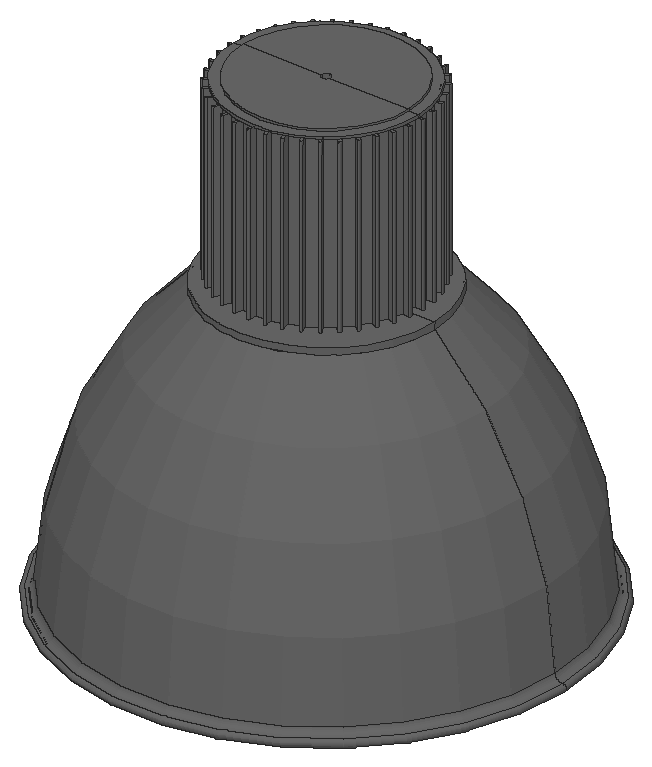
Revit family "DHS22", category Lighting Fixtures, Revit 2024
Family settings
  Round Connector Dimension = Use Diameter
  Part Type = Normal
  OmniClass Number = 23.80.70.00
  OmniClass Title = Lighting
  Work Plane-Based = No
  Always vertical = Yes
  Cut with Voids When Loaded = No
  Light Source = No
  Maintain Annotation Orientation = No
  Shared = No
  Room Calculation Point = No
Parameters
  Default Elevation = 0' - 0"
Reference planes (in)
  plane 1 "Light Source Axis (F/B)": y = 0
  plane 2: z = 0
  plane 3 "Light Source Axis (L/R)": x = 0
  plane 4 "Light Source Elevation": z = 54
Forms (in)
  Sweep 1, solid, material "GLASS SHADE", not visible
    path origin (75.968, 0, 0.00093) x (1, 0, 0) y (0, 0, 1)
      loop
        arc (-4.5864, 68.3252) -> (-8.91952, 61.72019) -> (-10.59309, 54) r 21.63816
    profile origin (67.04848, 0, 61.72112) x (0.922209, 0, -0.386691) y (0, -1, 0)
      loop
        circle (0, 0) r 0.03125
  Extrusion 2, solid, material "61"
    sketch origin (-46.69817, -17.29952, 67.50269) x (1, 0, 0) y (0, 1, 0)
      loop
        arc (46.63567, 21.42405) -> (46.37452, 21.41181) -> (46.11468, 21.38305) r 4.125
        line (46.11468, 21.38305) -> (46.06572, 21.69217)
        arc (46.06572, 21.69217) -> (45.99421, 21.74412) -> (45.94226, 21.67261) r 0.0625
        line (45.94226, 21.67261) -> (45.99122, 21.36349)
        arc (45.99122, 21.36349) -> (45.73521, 21.31055) -> (45.48306, 21.24149) r 4.125
        line (45.48306, 21.24149) -> (45.38635, 21.53915)
        arc (45.38635, 21.53915) -> (45.30759, 21.57928) -> (45.26746, 21.50052) r 0.0625
        line (45.26746, 21.50052) -> (45.36418, 21.20287)
        arc (45.36418, 21.20287) -> (45.1196, 21.11053) -> (44.88136, 21.00288) r 4.125
        line (44.88136, 21.00288) -> (44.73927, 21.28174)
        arc (44.73927, 21.28174) -> (44.65521, 21.30905) -> (44.6279, 21.22499) r 0.0625
        line (44.6279, 21.22499) -> (44.76998, 20.94613)
        arc (44.76998, 20.94613) -> (44.54286, 20.81666) -> (44.3244, 20.67307) r 4.125
        line (44.3244, 20.67307) -> (44.14043, 20.92627)
        arc (44.14043, 20.92627) -> (44.05313, 20.9401) -> (44.03931, 20.8528) r 0.0625
        line (44.03931, 20.8528) -> (44.22327, 20.5996)
        arc (44.22327, 20.5996) -> (44.01919, 20.4362) -> (43.82588, 20.2602) r 4.125
        line (43.82588, 20.2602) -> (43.60458, 20.4815)
        arc (43.60458, 20.4815) -> (43.51619, 20.4815) -> (43.51619, 20.39311) r 0.0625
        line (43.51619, 20.39311) -> (43.73749, 20.17181)
        arc (43.73749, 20.17181) -> (43.56149, 19.9785) -> (43.39809, 19.77442) r 4.125
        line (43.39809, 19.77442) -> (43.14489, 19.95838)
        arc (43.14489, 19.95838) -> (43.05759, 19.94456) -> (43.07142, 19.85726) r 0.0625
        line (43.07142, 19.85726) -> (43.32462, 19.67329)
        arc (43.32462, 19.67329) -> (43.18103, 19.45483) -> (43.05156, 19.22771) r 4.125
        line (43.05156, 19.22771) -> (42.7727, 19.36979)
        arc (42.7727, 19.36979) -> (42.68864, 19.34248) -> (42.71595, 19.25842) r 0.0625
        line (42.71595, 19.25842) -> (42.99481, 19.11633)
        arc (42.99481, 19.11633) -> (42.88716, 18.87809) -> (42.79482, 18.63351) r 4.125
        line (42.79482, 18.63351) -> (42.49717, 18.73023)
        arc (42.49717, 18.73023) -> (42.41841, 18.6901) -> (42.45854, 18.61134) r 0.0625
        line (42.45854, 18.61134) -> (42.7562, 18.51463)
        arc (42.7562, 18.51463) -> (42.68714, 18.26248) -> (42.6342, 18.00647) r 4.125
        line (42.6342, 18.00647) -> (42.32508, 18.05543)
        arc (42.32508, 18.05543) -> (42.25357, 18.00348) -> (42.30552, 17.93197) r 0.0625
        line (42.30552, 17.93197) -> (42.61464, 17.88301)
        arc (42.61464, 17.88301) -> (42.58588, 17.62317) -> (42.57364, 17.36202) r 4.125
        line (42.57364, 17.36202) -> (42.26067, 17.36202)
        arc (42.26067, 17.36202) -> (42.19817, 17.29952) -> (42.26067, 17.23702) r 0.0625
        line (42.26067, 17.23702) -> (42.57364, 17.23702)
        arc (42.57364, 17.23702) -> (42.58588, 16.97588) -> (42.61464, 16.71603) r 4.125
        line (42.61464, 16.71603) -> (42.30552, 16.66707)
        arc (42.30552, 16.66707) -> (42.25357, 16.59557) -> (42.32508, 16.54361) r 0.0625
        line (42.32508, 16.54361) -> (42.6342, 16.59257)
        arc (42.6342, 16.59257) -> (42.68714, 16.33656) -> (42.7562, 16.08441) r 4.125
        line (42.7562, 16.08441) -> (42.45854, 15.9877)
        arc (42.45854, 15.9877) -> (42.41841, 15.90895) -> (42.49717, 15.86882) r 0.0625
        line (42.49717, 15.86882) -> (42.79482, 15.96553)
        arc (42.79482, 15.96553) -> (42.88716, 15.72095) -> (42.99481, 15.48271) r 4.125
        line (42.99481, 15.48271) -> (42.71595, 15.34063)
        arc (42.71595, 15.34063) -> (42.68864, 15.25657) -> (42.7727, 15.22925) r 0.0625
        line (42.7727, 15.22925) -> (43.05156, 15.37134)
        arc (43.05156, 15.37134) -> (43.18103, 15.14422) -> (43.32462, 14.92575) r 4.125
        line (43.32462, 14.92575) -> (43.07142, 14.74179)
        arc (43.07142, 14.74179) -> (43.05759, 14.65449) -> (43.14489, 14.64066) r 0.0625
        line (43.14489, 14.64066) -> (43.39809, 14.82462)
        arc (43.39809, 14.82462) -> (43.56149, 14.62055) -> (43.73749, 14.42724) r 4.125
        line (43.73749, 14.42724) -> (43.51619, 14.20593)
        arc (43.51619, 14.20593) -> (43.51619, 14.11754) -> (43.60458, 14.11754) r 0.0625
        line (43.60458, 14.11754) -> (43.82588, 14.33885)
        arc (43.82588, 14.33885) -> (44.01919, 14.16285) -> (44.22327, 13.99945) r 4.125
        line (44.22327, 13.99945) -> (44.03931, 13.74625)
        arc (44.03931, 13.74625) -> (44.05313, 13.65895) -> (44.14043, 13.67277) r 0.0625
        line (44.14043, 13.67277) -> (44.3244, 13.92597)
        arc (44.3244, 13.92597) -> (44.54286, 13.78238) -> (44.76998, 13.65292) r 4.125
        line (44.76998, 13.65292) -> (44.6279, 13.37406)
        arc (44.6279, 13.37406) -> (44.65521, 13.28999) -> (44.73927, 13.31731) r 0.0625
        line (44.73927, 13.31731) -> (44.88136, 13.59617)
        arc (44.88136, 13.59617) -> (45.1196, 13.48852) -> (45.36418, 13.39618) r 4.125
        line (45.36418, 13.39618) -> (45.26746, 13.09852)
        arc (45.26746, 13.09852) -> (45.30759, 13.01977) -> (45.38635, 13.0599) r 0.0625
        line (45.38635, 13.0599) -> (45.48306, 13.35755)
        arc (45.48306, 13.35755) -> (45.73521, 13.2885) -> (45.99122, 13.23555) r 4.125
        line (45.99122, 13.23555) -> (45.94226, 12.92643)
        arc (45.94226, 12.92643) -> (45.99421, 12.85492) -> (46.06572, 12.90688) r 0.0625
        line (46.06572, 12.90688) -> (46.11468, 13.216)
        arc (46.11468, 13.216) -> (46.37452, 13.18724) -> (46.63567, 13.175) r 4.125
        line (46.63567, 13.175) -> (46.63567, 12.86202)
        arc (46.63567, 12.86202) -> (46.69817, 12.79952) -> (46.76067, 12.86202) r 0.0625
        line (46.76067, 12.86202) -> (46.76067, 13.175)
        arc (46.76067, 13.175) -> (47.02181, 13.18724) -> (47.28166, 13.216) r 4.125
        line (47.28166, 13.216) -> (47.33062, 12.90688)
        arc (47.33062, 12.90688) -> (47.40212, 12.85492) -> (47.45408, 12.92643) r 0.0625
        line (47.45408, 12.92643) -> (47.40512, 13.23555)
        arc (47.40512, 13.23555) -> (47.66113, 13.2885) -> (47.91328, 13.35755) r 4.125
        line (47.91328, 13.35755) -> (48.00999, 13.0599)
        arc (48.00999, 13.0599) -> (48.08874, 13.01977) -> (48.12887, 13.09852) r 0.0625
        line (48.12887, 13.09852) -> (48.03216, 13.39618)
        arc (48.03216, 13.39618) -> (48.27674, 13.48852) -> (48.51498, 13.59617) r 4.125
        line (48.51498, 13.59617) -> (48.65706, 13.31731)
        arc (48.65706, 13.31731) -> (48.74112, 13.28999) -> (48.76844, 13.37406) r 0.0625
        line (48.76844, 13.37406) -> (48.62635, 13.65292)
        arc (48.62635, 13.65292) -> (48.85347, 13.78238) -> (49.07194, 13.92597) r 4.125
        line (49.07194, 13.92597) -> (49.2559, 13.67277)
        arc (49.2559, 13.67277) -> (49.3432, 13.65895) -> (49.35703, 13.74625) r 0.0625
        line (49.35703, 13.74625) -> (49.17307, 13.99945)
        arc (49.17307, 13.99945) -> (49.37714, 14.16285) -> (49.57045, 14.33885) r 4.125
        line (49.57045, 14.33885) -> (49.79176, 14.11754)
        arc (49.79176, 14.11754) -> (49.88015, 14.11754) -> (49.88015, 14.20593) r 0.0625
        line (49.88015, 14.20593) -> (49.65884, 14.42724)
        arc (49.65884, 14.42724) -> (49.83484, 14.62055) -> (49.99824, 14.82462) r 4.125
        line (49.99824, 14.82462) -> (50.25144, 14.64066)
        arc (50.25144, 14.64066) -> (50.33874, 14.65449) -> (50.32492, 14.74179) r 0.0625
        line (50.32492, 14.74179) -> (50.07172, 14.92575)
        arc (50.07172, 14.92575) -> (50.21531, 15.14422) -> (50.34477, 15.37134) r 4.125
        line (50.34477, 15.37134) -> (50.62363, 15.22925)
        arc (50.62363, 15.22925) -> (50.7077, 15.25657) -> (50.68038, 15.34063) r 0.0625
        line (50.68038, 15.34063) -> (50.40152, 15.48271)
        arc (50.40152, 15.48271) -> (50.50917, 15.72095) -> (50.60151, 15.96553) r 4.125
        line (50.60151, 15.96553) -> (50.89917, 15.86882)
        arc (50.89917, 15.86882) -> (50.97792, 15.90895) -> (50.93779, 15.9877) r 0.0625
        line (50.93779, 15.9877) -> (50.64014, 16.08441)
        arc (50.64014, 16.08441) -> (50.70919, 16.33656) -> (50.76214, 16.59257) r 4.125
        line (50.76214, 16.59257) -> (51.07126, 16.54361)
        arc (51.07126, 16.54361) -> (51.14277, 16.59557) -> (51.09081, 16.66707) r 0.0625
        line (51.09081, 16.66707) -> (50.78169, 16.71603)
        arc (50.78169, 16.71603) -> (50.81045, 16.97588) -> (50.82269, 17.23702) r 4.125
        line (50.82269, 17.23702) -> (51.13567, 17.23702)
        arc (51.13567, 17.23702) -> (51.19817, 17.29952) -> (51.13567, 17.36202) r 0.0625
        line (51.13567, 17.36202) -> (50.82269, 17.36202)
        arc (50.82269, 17.36202) -> (50.81045, 17.62317) -> (50.78169, 17.88301) r 4.125
        line (50.78169, 17.88301) -> (51.09081, 17.93197)
        arc (51.09081, 17.93197) -> (51.14277, 18.00348) -> (51.07126, 18.05543) r 0.0625
        line (51.07126, 18.05543) -> (50.76214, 18.00647)
        arc (50.76214, 18.00647) -> (50.70919, 18.26248) -> (50.64014, 18.51463) r 4.125
        line (50.64014, 18.51463) -> (50.93779, 18.61134)
        arc (50.93779, 18.61134) -> (50.97792, 18.6901) -> (50.89917, 18.73023) r 0.0625
        line (50.89917, 18.73023) -> (50.60151, 18.63351)
        arc (50.60151, 18.63351) -> (50.50917, 18.87809) -> (50.40152, 19.11633) r 4.125
        line (50.40152, 19.11633) -> (50.68038, 19.25842)
        arc (50.68038, 19.25842) -> (50.7077, 19.34248) -> (50.62363, 19.36979) r 0.0625
        line (50.62363, 19.36979) -> (50.34477, 19.22771)
        arc (50.34477, 19.22771) -> (50.21531, 19.45483) -> (50.07172, 19.67329) r 4.125
        line (50.07172, 19.67329) -> (50.32492, 19.85726)
        arc (50.32492, 19.85726) -> (50.33874, 19.94456) -> (50.25144, 19.95838) r 0.0625
        line (50.25144, 19.95838) -> (49.99824, 19.77442)
        arc (49.99824, 19.77442) -> (49.83484, 19.9785) -> (49.65884, 20.17181) r 4.125
        line (49.65884, 20.17181) -> (49.88015, 20.39311)
        arc (49.88015, 20.39311) -> (49.88015, 20.4815) -> (49.79176, 20.4815) r 0.0625
        line (49.79176, 20.4815) -> (49.57045, 20.2602)
        arc (49.57045, 20.2602) -> (49.37714, 20.4362) -> (49.17307, 20.5996) r 4.125
        line (49.17307, 20.5996) -> (49.35703, 20.8528)
        arc (49.35703, 20.8528) -> (49.3432, 20.9401) -> (49.2559, 20.92627) r 0.0625
        line (49.2559, 20.92627) -> (49.07194, 20.67307)
        arc (49.07194, 20.67307) -> (48.85347, 20.81666) -> (48.62635, 20.94613) r 4.125
        line (48.62635, 20.94613) -> (48.76844, 21.22499)
        arc (48.76844, 21.22499) -> (48.74112, 21.30905) -> (48.65706, 21.28174) r 0.0625
        line (48.65706, 21.28174) -> (48.51498, 21.00288)
        arc (48.51498, 21.00288) -> (48.27674, 21.11053) -> (48.03216, 21.20287) r 4.125
        line (48.03216, 21.20287) -> (48.12887, 21.50052)
        arc (48.12887, 21.50052) -> (48.08874, 21.57928) -> (48.00999, 21.53915) r 0.0625
        line (48.00999, 21.53915) -> (47.91328, 21.24149)
        arc (47.91328, 21.24149) -> (47.66113, 21.31055) -> (47.40512, 21.36349) r 4.125
        line (47.40512, 21.36349) -> (47.45408, 21.67261)
        arc (47.45408, 21.67261) -> (47.40212, 21.74412) -> (47.33062, 21.69217) r 0.0625
        line (47.33062, 21.69217) -> (47.28166, 21.38305)
        arc (47.28166, 21.38305) -> (47.02181, 21.41181) -> (46.76067, 21.42405) r 4.125
        line (46.76067, 21.42405) -> (46.76067, 21.73702)
        arc (46.76067, 21.73702) -> (46.69817, 21.79952) -> (46.63567, 21.73702) r 0.0625
        line (46.63567, 21.73702) -> (46.63567, 21.42405)
    from 0 to 7.80732
  Revolve 3, solid, material "61"
    sketch origin (0, 0, 1.50269) x (1, 0, 0) y (0, 0, 1)
      loop
        line (0.20328, 74) -> (0.20328, 73.80732) -> (4.2478, 73.80732) -> (4.2478, 73.91001) -> (3.80087, 73.91001) -> (3.80087, 74) -> (0.20328, 74)
      loop
        line (3.83475, 66) -> (0, 66) -> (0, 65.91001) -> (3.83475, 65.91001) -> (3.83475, 66)
      loop
        line (0, 65.65732) -> (0, 65.57396) -> (4.92005, 65.57396) -> (4.92005, 65.30304)
        arc (4.92005, 65.30304) -> (8.94988, 59.80267) -> (10.39058, 53.13797) r 16.37747
        arc (10.39058, 53.13797) -> (10.48624, 52.90822) -> (10.69093, 52.76667) r 0.44165
        arc (10.69093, 52.76667) -> (10.90761, 52.51621) -> (10.82962, 52.83808) r 0.17038
        arc (10.82962, 52.83808) -> (10.59911, 52.9254) -> (10.48431, 53.14353) r 0.3479
        arc (10.48431, 53.14353) -> (9.03821, 59.83482) -> (4.9967, 65.36027) r 16.47122
        line (4.9967, 65.36027) -> (4.9967, 65.65732) -> (0, 65.65732)
      axis (0, 74) -> (0, 52.76667)
    angle from 0 to 360
  Revolve 4, solid, material "61"
    sketch origin (-2.65723, 0, 1.50269) x (1, 0, 0) y (0, 0, 1)
      loop
        line (0.41619, 65.91001) -> (0, 65.91001) -> (0, 65.63305) -> (0.41619, 65.63305) -> (0.41619, 65.91001)
      axis (0, 65.63305) -> (0, 65.91001)
    angle from 0 to 360
  Revolve 5, solid, material "61"
    sketch origin (1.32861, 2.30123, 1.50269) x (-0.5, -0.866025, 0) y (0, 0, 1)
      loop
        line (0.41619, 65.91001) -> (0, 65.91001) -> (0, 65.61384) -> (0.41619, 65.61384) -> (0.41619, 65.91001)
      axis (0, 65.61384) -> (0, 65.91001)
    angle from 0 to 360
  Revolve 6, solid, material "61"
    sketch origin (1.32861, -2.30123, 1.50269) x (-0.5, 0.866025, 0) y (0, 0, 1)
      loop
        line (0.41619, 65.91001) -> (0, 65.91001) -> (0, 65.61865) -> (0.41619, 65.61865) -> (0.41619, 65.91001)
      axis (0, 65.61865) -> (0, 65.91001)
    angle from 0 to 360
Dimensions and locks (in)
  aligned and locked: level to plane 2
